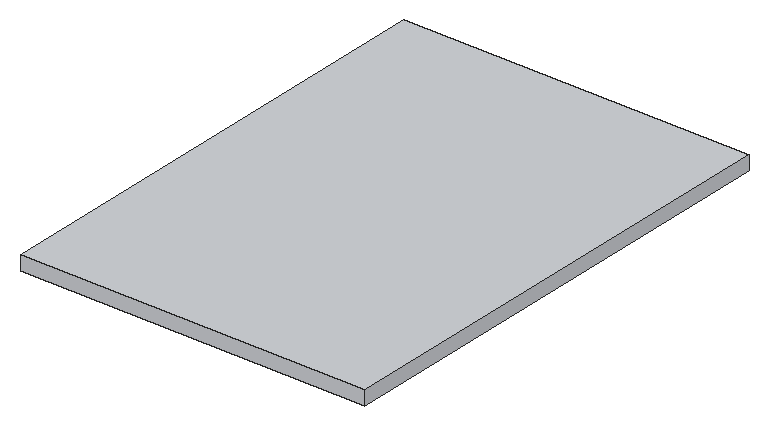
Revit family "MLS2-RD-M", category Lighting Fixtures, host Face, Revit 2019
Family settings
  Host = Face
  Round Connector Dimension = Use Diameter
  Part Type = Normal
  OmniClass Number = 23.80.70.11
  OmniClass Title = Luminaries for Internal Lighting
  Cut with Voids When Loaded = No
  Light Source = Yes
  Shared = No
  Room Calculation Point = No
Parameters
  Final Hanging Points [instance] = if(Fixture Length > 12' 0", 3, No of Hanging Points)  # 2
  No of Hanging Points [instance] = 2
  Emit from Rectangle Width = 2' - 0"
  Emit from Rectangle Length = 4' - 0"
  Emit Shape Visible in Rendering = no
  Default Elevation [instance] = 4' - 0"
  Cable Suspension [instance] = 1' - 6"
  Wattage Comments = ""
  Wattage = 7.40531 W
  built-in parameter 1150110 = 1 (stored number, unit not read)
  Voltage Comment = "120/277 UNV Volt"
  Voltage [instance] = 120 V
  URL = "https://mercltg.com/product/mls2-rd/"
  built-in parameter 1114217 = 1 (stored number, unit not read)
  Tilt Angle = 90.00°
  built-in parameter 1150109 = 1 (stored number, unit not read)
  built-in parameter 1150134 = (empty or 0)
  built-in parameter 1150113 = 1 (stored number, unit not read)
  No of Poles [instance] = 1
  Model = "MLS2-RD-M"
  Manufacturer = "Mercury Lighting"
  Load Classifcation = Lighting
  Load [instance] = 0 W
  Photometric Web File = "mer12584341.01C-MLS2-RD-M-48-475-35K-ASO-1-U.ies"
  Lumens = 1100 lm
  built-in parameter 1150115 = 1 (stored number, unit not read)
  built-in parameter 1150105 = 87.535 (stored number, unit not read)
  built-in parameter 1150137 = (empty or 0)
  built-in parameter 1150139 = (empty or 0)
  Lens = Acrylic
  built-in parameter 1150112 = 1 (stored number, unit not read)
  built-in parameter 1150114 = 1 (stored number, unit not read)
  Lamp = "LED"
  built-in parameter 1150132 = 2
  built-in parameter 1150102 = (empty or 0)
  built-in parameter 1150138 = (empty or 0)
  built-in parameter 1150107 = 3000 (stored number, unit not read)
  built-in parameter 1150106 = 0.87535 (stored number, unit not read)
  Housing = Metal, Paint Finish, White, Matte
  Fixture Length [instance] = 4' - 0"
  Fixture width = 0' - 1 7/8"
  built-in parameter 1150104 = 13.8 (stored number, unit not read)
  Dimming Lamp Color Temperature Shift = (empty or 0)
  Color Filter = 16777215
  built-in parameter 1114218 = 1 (stored number, unit not read)
  built-in parameter 1150133 = 10 (stored number, unit not read)
  Apparent Load = 0 VA
Reference planes (in)
  plane 1 "Light Source Axis (F/B)": y = 0
  plane 2 "Ceiling": z = 0
  plane 3 "Light Source Axis (L/R)": x = 0
  plane 4 "Light Source Elevation": z = -18.75
  plane 5: x = 24
  plane 6: x = -24
  plane 7: x = 23.9375
  plane 8: x = -23.9375
  plane 9: z = -18
  plane 10: x = -23.5
  plane 11: x = 23.5
  plane 12: z = 0
Forms (in)
  Extrusion 1, solid, material "Metal, Paint Finish, White, Matte" <- "Housing"
    sketch origin (0, 0, -2.25) x (0, 1, 0) y (0, 0, 1)
      loop
        line (0.9375, -15.75) -> (-0.9375, -15.75) -> (-0.9375, -17.75) -> (0.9375, -17.75) -> (0.9375, -15.75)
    from -24 to 24
  Extrusion 2, solid
    sketch origin (0, 0, 0) x (0, 1, 0) y (0, 0, 1)
      loop
        line (-0.875, -20) -> (0.875, -20) -> (0.875, -18.75) -> (-0.875, -18.75) -> (-0.875, -20)
    from -23.9375 to 23.9375
  Extrusion 3, solid, material "Acrylic" <- "Lens"
    sketch origin (0, 0, 0) x (0, 1, 0) y (0, 0, 1)
      loop
        line (-0.875, -19.875) -> (-0.875, -20) -> (0.875, -20) -> (0.875, -19.875) -> (-0.875, -19.875)
    from -23.9375 to 23.9375
  Extrusion 4, solid
    sketch origin (0, 0, 0) x (1, 0, 0) y (0, 1, 0)
      loop
        line (-148, -206) -> (148, -206) -> (148, 206) -> (-148, 206) -> (-148, -206)
    from 0 to 12
Dimensions and locks (in)
  equal spacing: Extrusion 1 sketch curve, imposter light, Extrusion 1 sketch curve
  "Fixture width": Extrusion 1 sketch curve to Extrusion 1 sketch curve
  equal spacing: plane 5, plane 3 "Light Source Axis (L/R)", plane 6
  "Fixture Length": plane 5 to plane 6
  locked: plane 8 to plane 6 at 0.0625
  locked: plane 7 to plane 5 at 0.0625
  "Cable Suspension": plane 2 "Ceiling" to plane 9
  locked: plane 10 to plane 6 at 0.5
  locked: plane 5 to plane 11 at 0.5
  locked: Extrusion 3 sketch curve to Extrusion 3 sketch curve at 0.125
  group 1 to group 2 = 3' - 11"
  group 1 to group 2 = 0' - 0"  (x2)
  locked: Extrusion 1 to Extrusion 2 sketch curve at 0.0625
  locked: Extrusion 2 sketch curve to Extrusion 1 at 0.0625
  locked: Extrusion 1 sketch curve to Extrusion 1 sketch curve at 2
  plane 9 to plane 4 "Light Source Elevation" to Extrusion 3 = 0' - 0 3/4" locked, 0' - 1 1/8" locked
  aligned and locked: plane 3 "Light Source Axis (L/R)" to imposter light
  aligned and locked: plane 1 "Light Source Axis (F/B)" to imposter light
  aligned and locked: plane 4 "Light Source Elevation" to imposter light
  aligned and locked: plane 5 to Extrusion 1
  aligned and locked: Extrusion 1 to plane 6
  aligned and locked: plane 1 "Light Source Axis (F/B)" to nested 1
  aligned and locked: plane 10 to nested 1
  aligned and locked: plane 7 to Extrusion 2
  aligned and locked: Extrusion 2 to plane 8
  aligned and locked: Extrusion 2 sketch curve to plane 4 "Light Source Elevation"
  aligned and locked: Extrusion 3 sketch curve to Extrusion 2  (x2)
  aligned and locked: plane 7 to Extrusion 3
  aligned and locked: Extrusion 3 to plane 8
  aligned and locked: plane 11 to nested 2
  aligned and locked: Extrusion 2 sketch curve to Extrusion 1
  aligned and locked: Extrusion 1 to Extrusion 3 sketch curve
Automatic sketch dimensions
  Extrusion 4 sketch curve to Extrusion 4 sketch curve = 24' - 8"
  Extrusion 4 sketch curve to Extrusion 4 sketch curve = 34' - 4"
  plane 9 to Extrusion 1 sketch curve = 0' - 0"
Nested families (in)
  nested 1: "Round Canopy" at (-23.5, 0, 0), Cord Height <- "Cable Suspension", type "Round Canopy"
    with Default Elevation 4' - 0", Cord Height 1' - 6", Canopy Width 0' - 1"
  nested 2: "Round Canopy" at (23.5, 0, 0), Cord Height <- "Cable Suspension", type "Round Canopy"
    with Default Elevation 4' - 0", Cord Height 1' - 6", Canopy Width 0' - 1"
Connectors (in)
  electrical at (-23.5, 0, 0), driven by "No of Poles", driven by "Load Classifcation", driven by "Voltage", driven by "Load"
    settings: on nested 1, index 1, voltage 120 V, apparent load 0 VA, apparent load phase1 0 VA, apparent load phase2 0 VA, apparent load phase3 0 VA, power factor 1, load classification "Lighting", number of poles 1, system type 31, power factor state 1, is connector primary yes, connector utility no, sub classification motor no, connector description ""
Definition of nested family "Round Canopy"
  Parameters (values of type "Round Canopy")
    Default Elevation [instance] = 4' - 0"
    Cord Height [instance] = 1' - 0"
    Canopy Width [instance] = 0' - 1"
  Reference planes (in)
    plane 1 "Center (Front/Back)": y = 0
    plane 2 "Ceiling": z = 0
    plane 3 "Center (Left/Right)": x = 0
    plane 4: z = 0
  Forms (in)
    Revolve 1, solid
      sketch origin (0, 0, 0) x (1, 0, 0) y (0, 0, 1)
        loop
          line (0.1679, -12) -> (0.1679, -10.8) -> (0.03125, -10.8) -> (0.03125, -1.57425) -> (0.20625, -1.57425) -> (0.20625, -0.37425) -> (1, -0.37425) -> (1, 0) -> (0, 0) -> (0, -12) -> (0.1679, -12)
        axis (0, 0) -> (0, -12)
      angle from 0 to 360
    Extrusion 2, solid
      sketch origin (0, 0, 0) x (1, 0, 0) y (0, 1, 0)
        loop
          line (-60, -60) -> (60, -60) -> (60, 60) -> (-60, 60) -> (-60, -60)
      from 0 to 12
  Dimensions and locks (in)
    Revolve 1 sketch curve to Revolve 1 sketch curve to Revolve 1 sketch curve = 0' - 0.13665" locked, 0' - 0 1/32" locked
    locked: Revolve 1 sketch curve to Revolve 1 sketch curve at 1.2  (x2)
    locked: Revolve 1 sketch curve to Revolve 1 sketch curve at 0.175
    locked: Revolve 1 sketch curve to Revolve 1 sketch curve at 0.37425
    "Cord Height": Revolve 1 to Revolve 1
    "Canopy Width": Revolve 1 sketch curve to Revolve 1 sketch curve
    aligned and locked: Revolve 1 sketch curve to plane 3 "Center (Left/Right)"
  Automatic sketch dimensions
    Revolve 1 sketch curve to plane 2 "Ceiling" = 0' - 0"  (x2)
    Revolve 1 sketch curve to plane 3 "Center (Left/Right)" = 0' - 0"
    Revolve 1 sketch curve to Revolve 1 sketch curve = 0' - 9.22575"
    Revolve 1 sketch curve to Revolve 1 sketch curve = 0' - 10.47575"
    Extrusion 2 sketch curve to Extrusion 2 sketch curve = 10' - 0"  (x2)
